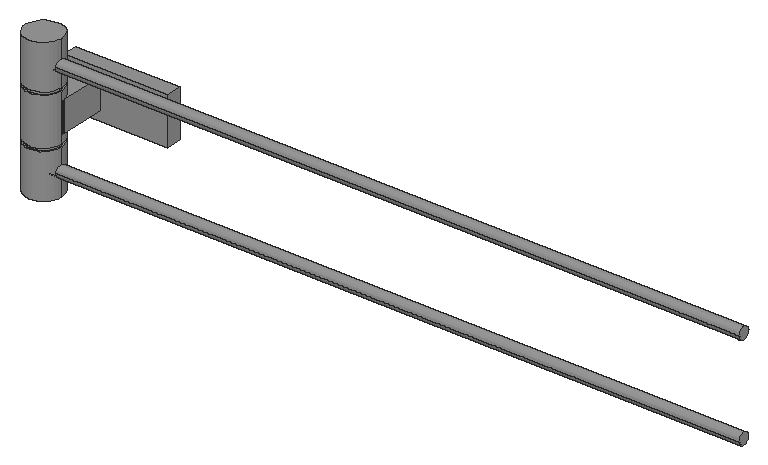
Revit family "TBA ATLAS DOBLE MOVIL CR", category Plumbing Fixtures, Revit 2019
Family settings
  Round Connector Dimension = Use Diameter
  Part Type = Normal
  OmniClass Number = 23.45.00.00
  OmniClass Title = Sanitary, Laundry, and Cleaning Equipment
  Work Plane-Based = No
  Always vertical = Yes
  Cut with Voids When Loaded = No
  Shared = No
  Room Calculation Point = No
Reference planes
  plane 1 "Center (Front/Back)": y = 0
  plane 2: z = 0
  plane 3 "Center (Left/Right)": x = 0
Forms (mm)
  Extrusion 1, solid
    sketch origin (0, 0, 0) x (1, 0, 0) y (0, 0, 1)
      loop
        line (0, 0) -> (55, 0) -> (55, 25) -> (0, 25) -> (0, 0)
    from 0 to 8
  Extrusion 2, solid
    sketch origin (0, 0, 0) x (1, 0, 0) y (0, 0, 1)
      loop
        line (0, 12.5) -> (0, 4.5) -> (19, 4.5) -> (19, 20.5) -> (0, 20.5) -> (0, 12.5)
    from 8 to 33
  Extrusion 3, solid
    sketch origin (0, 0, 0) x (1, 0, 0) y (0, 1, 0)
      loop
        circle (9.5, -33) r 9.5
    from -25 to 50
  Extrusion 4, solid
    sketch origin (0, 0, 0) x (0, 1, 0) y (0, 0, 1)
      loop
        circle (-33.5, 37.5) r 3
      loop
        circle (-33.5, -12.5) r 3
    from 0 to 380
  Extrusion 5, void
    sketch origin (0, 0, 0) x (1, 0, 0) y (0, 1, 0)
      loop
        circle (9.5, -33) r 8.377
      loop
        circle (9.5, -33) r 10
    from 25 to 26.751
  Extrusion 6, void
    sketch origin (0, 0, 0) x (1, 0, 0) y (0, 1, 0)
      loop
        circle (9.5, -33) r 8.377
      loop
        circle (9.5, -33) r 9.5
    from 0 to -1.534
Cuts and joins
  Extrusion 5, Extrusion 6 cuts Extrusion 2
  Extrusion 5, Extrusion 6 cuts Extrusion 3
  Extrusion 6 cuts Extrusion 4
Dimensions and locks
  aligned and locked: level to plane 2
